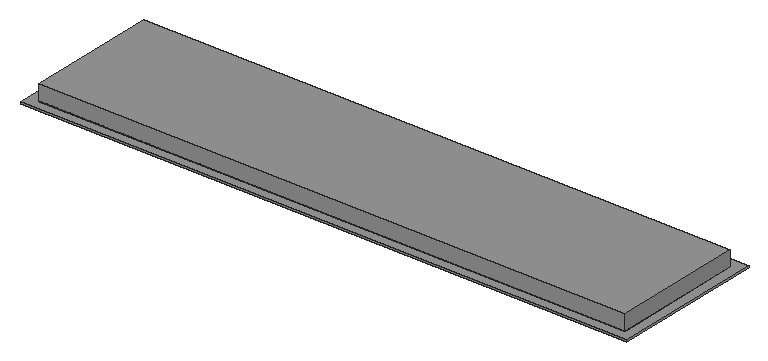
Revit family "R17-IVLB-Generic-LED Panel", category Lighting Fixtures, Revit 2017
Family settings
  Round Connector Dimension = Use Diameter
  Part Type = Normal
  Work Plane-Based = No
  Always vertical = Yes
  Cut with Voids When Loaded = No
  Light Source = Yes
  Shared = No
  Room Calculation Point = No
Parameters (values of type "LED Panel")
  Wattage = 16.8303 W
  built-in parameter 1150110 = 1 (stored number, unit not read)
  URL = "www.ivlibrary.com"
  built-in parameter 1114217 = 1 (stored number, unit not read)
  Tilt Angle = 90.00°
  built-in parameter 1150109 = 1 (stored number, unit not read)
  built-in parameter 1150134 = 3
  Switch Code [instance] = ""
  built-in parameter 1150113 = 1 (stored number, unit not read)
  Photometric Web File = "2x2 2Lamp.ies"
  Model = "SPACE RESERVATION"
  built-in parameter 1150105 = 198.94 (stored number, unit not read)
  Lumens = 2500 lm
  Luminaire Material = Rubber, Silicone
  Manufacturer = "LED PANEL"
  built-in parameter 1150115 = 1 (stored number, unit not read)
  Luminaire Code [instance] = ""
  built-in parameter 1150137 = (empty or 0)
  built-in parameter 1150139 = (empty or 0)
  built-in parameter 1150112 = 1 (stored number, unit not read)
  built-in parameter 1150114 = 1 (stored number, unit not read)
  LED Panel - Width = 1200 mm
  LED Panel - Length = 300 mm
  LED Panel -  Height = 30 mm
  LED Panel = yes
  built-in parameter 1150132 = 2
  built-in parameter 1150102 = (empty or 0)
  built-in parameter 1150107 = 3200 (stored number, unit not read)
  built-in parameter 1150138 = (empty or 0)
  built-in parameter 1150106 = 1.9894 (stored number, unit not read)
  Emit from Rectangle Width = [LED Panel - Length] - 40 mm  # 260 mm
  Emit from Rectangle Length = [LED Panel - Width] - 40 mm  # 1160 mm
  Emit Shape Visible in Rendering = no
  built-in parameter 1150104 = 13.8 (stored number, unit not read)
  Dimming Lamp Color Temperature Shift = <None>
  Description = ""
  Copyright © IVLighting = "www.ivlighting.nl"
  Color Filter = 16777215
  built-in parameter 1114218 = 1 (stored number, unit not read)
  built-in parameter 1150133 = 10 (stored number, unit not read)
  Assembly Code = "63.0"
  Apparent Load = 0 VA
  Action Requierd (!) Text note [instance] = "Replace with specific luminaire from project or IVLibrary"  # constant formula
Reference planes
  plane 1 "Center (Front/Back)": y = 0
  plane 2: z = 0
  plane 3 "Center (Left/Right)": x = 0
Forms (mm)
  Extrusion 1, solid, material "Rubber, Silicone" <- "Luminaire Material", visible <- "LED Panel"
    sketch origin (1921.867, -836.535, 0) x (1, 0, 0) y (0, 1, 0)
      loop
        line (-2501.867, 966.535) -> (-2501.867, 706.535) -> (-1341.867, 706.535) -> (-1341.867, 966.535) -> (-2501.867, 966.535)
    from 0 to 30 <- "LED Panel -  Height"
  Extrusion 2, solid, material "Rubber, Silicone" <- "Luminaire Material", visible <- "LED Panel"
    sketch origin (1921.867, -836.535, -10) x (1, 0, 0) y (0, 1, 0)
      loop
        line (-2521.867, 986.535) -> (-2521.867, 686.535) -> (-1321.867, 686.535) -> (-1321.867, 986.535) -> (-2521.867, 986.535)
      loop
        line (-2501.867, 966.535) -> (-2501.867, 706.535) -> (-1341.867, 706.535) -> (-1341.867, 966.535) -> (-2501.867, 966.535)
    from 7 to 10
  Extrusion 3, solid, material "Glass, White, High Luminance"
    sketch origin (0, 0, 0) x (1, 0, 0) y (0, 0, 1)
      loop
        line (-580, 0) -> (-580, -0.8) -> (580, -0.8) -> (580, 0) -> (-580, 0)
    from -130 to 130
Lines and regions (mm)
  symbolic lines, visible <- "LED Panel"
    curve 1: line (-600, 150, 0) -> (600, 150, 0)
    curve 2: line (-600, -150, 0) -> (-600, 150, 0)
    curve 3: line (600, -150, 0) -> (-600, -150, 0)
    curve 4: line (600, 150, 0) -> (600, -150, 0)
    curve 5: line (-580, -130, 0) -> (580, -130, 0)
    curve 6: line (-580, 130, 0) -> (-580, -130, 0)
    curve 7: line (580, 130, 0) -> (-580, 130, 0)
    curve 8: line (580, -130, 0) -> (580, 130, 0)
Dimensions and locks
  "LED Panel - Width": Extrusion 2 sketch curve to Extrusion 2 sketch curve
  "LED Panel - Length": Extrusion 2 sketch curve to Extrusion 2 sketch curve
  locked: Extrusion 2 sketch curve to Extrusion 2 sketch curve at 20  (x4)
  equal spacing: Extrusion 2, plane 3 "Center (Left/Right)", Extrusion 2
  equal spacing: Extrusion 1, plane 1 "Center (Front/Back)", Extrusion 2
  aligned and locked: level to plane 2
  aligned and locked: Extrusion 1 to Extrusion 2  (x4)
  aligned and locked: curve 1 to Extrusion 2
  aligned and locked: curve 2 to Extrusion 2
  aligned and locked: curve 3 to Extrusion 2
  aligned and locked: curve 4 to Extrusion 2
  aligned and locked: curve 5 to Extrusion 1
  aligned and locked: curve 6 to Extrusion 1
  aligned and locked: curve 7 to Extrusion 1
  aligned and locked: curve 8 to Extrusion 1
  aligned and locked: Extrusion 2 to Extrusion 3 sketch curve
  aligned and locked: Extrusion 3 sketch curve to imposter light
  aligned and locked: Extrusion 3 to Extrusion 1  (x3)
Automatic sketch dimensions
  plane 1 "Center (Front/Back)" to Extrusion 1 sketch curve = 130 mm
  Extrusion 1 sketch curve to plane 3 "Center (Left/Right)" = 580 mm
  plane 3 "Center (Left/Right)" to Extrusion 1 sketch curve = 580 mm
  Extrusion 1 sketch curve to plane 1 "Center (Front/Back)" = 130 mm
  Extrusion 3 sketch curve to level = 0.8 mm
  plane 3 "Center (Left/Right)" to Extrusion 3 sketch curve = 580 mm
  plane 1 "Center (Front/Back)" to Extrusion 2 sketch curve = 150 mm
  Extrusion 2 sketch curve to plane 3 "Center (Left/Right)" = 600 mm
Connectors
  electrical at (0, 0, 30), driven by "Apparent Load"
    settings: on Extrusion 1, index 1, voltage 0 V, apparent load 0 VA, apparent load phase1 0 VA, apparent load phase2 0 VA, apparent load phase3 0 VA, power factor 1, load classification "Other", number of poles 1, system type 31, power factor state 1, is connector primary yes, connector utility no, sub classification motor no, connector description ""
